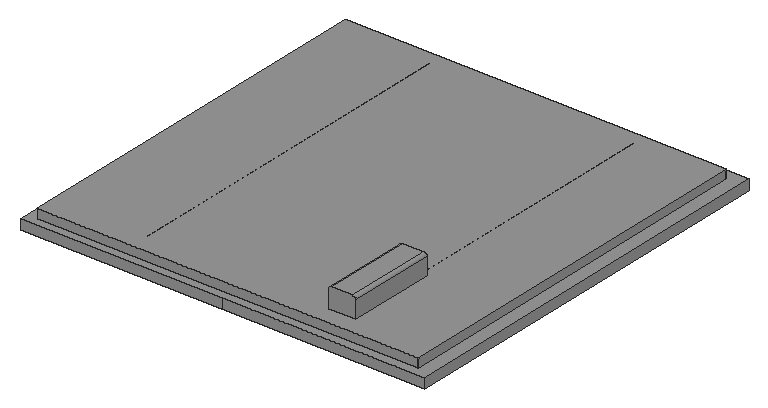
Revit family "63__LF_UN_Emilux_Turijn-II_R17", category Lighting Fixtures, Revit 2017
Family settings
  Round Connector Dimension = Use Diameter
  Part Type = Normal
  Work Plane-Based = No
  Always vertical = Yes
  Cut with Voids When Loaded = Yes
  Light Source = Yes
  Shared = No
  Room Calculation Point = No
Parameters (values of type "LED 4050lm 4000K Ra80 (36W)")
  Wattage Comments = "36W"
  Wattage = 27.265 W
  built-in parameter 1150110 = 1 (stored number, unit not read)
  URL = "https://www.emilux.nl/en/product/turijn-i/"
  Type Comments = "Turijn"
  built-in parameter 1114217 = 1 (stored number, unit not read)
  Tilt Angle = 90.00°
  built-in parameter 1150109 = 1 (stored number, unit not read)
  built-in parameter 1150134 = 12
  built-in parameter 1150113 = 1 (stored number, unit not read)
  Photometric Web File = "Emilux TURIJN 30X120 36W 4050Lm 4000K Ra80_LDT.ies"
  Model = "Turijn II"
  Manufacturer = "EMILUX"
  built-in parameter 1150105 = 322.29 (stored number, unit not read)
  Lumens = 4050 lm
  built-in parameter 1150115 = 1 (stored number, unit not read)
  Luminaire Code [instance] = ""
  built-in parameter 1150137 = (empty or 0)
  built-in parameter 1150139 = (empty or 0)
  built-in parameter 1150112 = 1 (stored number, unit not read)
  built-in parameter 1150114 = 1 (stored number, unit not read)
  Lamp = "LED"
  LED Driver = yes
  built-in parameter 1150132 = 2
  built-in parameter 1150102 = (empty or 0)
  built-in parameter 1150107 = 4000 (stored number, unit not read)
  built-in parameter 1150138 = (empty or 0)
  built-in parameter 1150106 = 3.2229 (stored number, unit not read)
  IfcExportType = "POINTSOURCE"
  IfcExportAs = "IfcLightFixtureType"
  Emit from Rectangle Width = 600 mm
  Emit from Rectangle Length = 600 mm
  Emit Shape Visible in Rendering = no
  built-in parameter 1150104 = 13.8 (stored number, unit not read)
  Dimming Lamp Color Temperature Shift = <None>
  Description = "Turijn II LED 4050lm 4000K Ra80 (36W)"
  Cost = 0
  Content Creator = "IVLighting"  # constant formula
  Color Filter = 16777215
  built-in parameter 1114218 = 1 (stored number, unit not read)
  built-in parameter 1150133 = 10 (stored number, unit not read)
  Assembly Code = "63.0"
  Article Number = "1TII06036830"
  Apparent Load = 36 VA
Types (2, lengths in mm): name | Wattage | built-in parameter 1150134 | Photometric Web File | built-in parameter 1150105 | Lumens | built-in parameter 1150107 | built-in parameter 1150106 | Emit from Rectangle Width | Emit from Rectangle Length | Article Number
  LED 4000lm 3000K Ra80 (36W) | 26.9284 W | (empty or 0) | "Emilux TURIJN 30X120 36W 4000Lm 3000K Ra80_LDT.ies" | 318.31 (stored number, unit not read) | 4000 lm | 3000 (stored number, unit not read) | 3.1831 (stored number, unit not read) | 609.6 | 1219.2 | "1TI12036840"
  LED 4050lm 4000K Ra80 (36W) | 27.265 W | 12 | "Emilux TURIJN 30X120 36W 4050Lm 4000K Ra80_LDT.ies" | 322.29 (stored number, unit not read) | 4050 lm | 4000 (stored number, unit not read) | 3.2229 (stored number, unit not read) | 600 | 600 | "1TII06036830"
Reference planes
  plane 1 "Center (Front/Back)": y = 0
  plane 2: z = 0
  plane 3 "Center (Left/Right)": x = -129.982
Forms (mm)
  Extrusion 1, solid, material "UHMW, White"
    sketch origin (17.518, 894.75, 0) x (1, 0, 0) y (0, 1, 0)
      loop
        line (-147.5, -597.5) -> (-442.5, -597.5) -> (-442.5, -1192) -> (-146.5, -1192) -> (152.5, -1192) -> (152.5, -597.5) -> (-147.5, -597.5)
      loop
        line (-335, -615.5) -> (-335, -1173) -> (-255, -1173) -> (-255, -615.5) -> (-335, -615.5)
      loop
        line (-35, -615.5) -> (-35, -1173) -> (45, -1173) -> (45, -615.5) -> (-35, -615.5)
    from 0 to 15
  Extrusion 2, solid, material "UHMW, White"
    sketch origin (17.518, 895.75, 14) x (1, 0, 0) y (0, 1, 0)
      loop
        arc (-426.5, -613.5) -> (-427.207, -613.793) -> (-427.5, -614.5) r 1
        line (-427.5, -614.5) -> (-427.5, -1179)
        arc (-427.5, -1179) -> (-427.207, -1179.707) -> (-426.5, -1180) r 1
        line (-426.5, -1180) -> (131.5, -1180)
        arc (131.5, -1180) -> (132.207, -1179.707) -> (132.5, -1179) r 1
        line (132.5, -1179) -> (132.5, -614.5)
        arc (132.5, -614.5) -> (132.207, -613.793) -> (131.5, -613.5) r 1
        line (131.5, -613.5) -> (-426.5, -613.5)
    from 1 to 14
  Extrusion 3, solid, material "Glass, White, High Luminance"
    sketch origin (17.518, 298.25, 0) x (1, 0, 0) y (0, 0, -1)
      loop
        arc (-8.019, -14.403) -> (-7.758, -14.7) -> (-7.5, -15) r 42.708
        line (-7.5, -15) -> (0, -15) -> (7.5, -15)
        arc (7.5, -15) -> (7.758, -14.7) -> (8.019, -14.403) r 42.708
        line (8.019, -14.403) -> (-8.019, -14.403)
    from -576.5 to -19
  Extrusion 4, solid, material "UHMW, White Gloss"
    sketch origin (-277.482, -291.113, 0) x (1, 0, 0) y (0, 0, -1)
      loop
        line (-40, -0.604) -> (-40, -20) -> (40, -20) -> (40, -0.576)
        arc (40, -0.576) -> (39.83, -0.169) -> (39.421, -0.004) r 0.572
        arc (39.421, -0.004) -> (21.84, -4.053) -> (7.5, -15) r 42.708
        line (7.5, -15) -> (-7.5, -15)
        arc (-7.5, -15) -> (-21.827, -4.059) -> (-39.391, -0.004) r 42.708
        arc (-39.391, -0.004) -> (-39.821, -0.177) -> (-40, -0.604) r 0.6
    from 12.8 to 570.3
  Extrusion 5, solid, material "UHMW, White Gloss"
    sketch origin (22.518, -291.113, 0) x (1, 0, 0) y (0, 0, -1)
      loop
        line (-40, -0.604) -> (-40, -20) -> (40, -20) -> (40, -0.576)
        arc (40, -0.576) -> (39.83, -0.169) -> (39.421, -0.004) r 0.572
        arc (39.421, -0.004) -> (21.84, -4.053) -> (7.5, -15) r 42.708
        line (7.5, -15) -> (-7.5, -15)
        arc (-7.5, -15) -> (-21.827, -4.059) -> (-39.391, -0.004) r 42.708
        arc (-39.391, -0.004) -> (-39.821, -0.177) -> (-40, -0.604) r 0.6
    from 12.8 to 570.3
Dimensions and locks
  aligned and locked: level to plane 2
Nested families
  nested 1: "Emilux_Turijn_Driver_R17" at (17.518, -128.25, 28), visible <- "LED Driver", type "Tridonic Led Driver"
  nested 2: "Luminaire_Symbol_Turijn II_EmiLux" at (-424.982, 297.25, 0), type "Luminaire_Symbol_Turijn II_EmiLux"
Connectors
  electrical at (-129.982, -1, 28)
    settings: on Extrusion 2, index 1, voltage 0 V, apparent load 0 VA, apparent load phase1 0 VA, apparent load phase2 0 VA, apparent load phase3 0 VA, power factor 1, load classification "Other", number of poles 1, system type 31, power factor state 1, is connector primary yes, connector utility no, sub classification motor no, connector description ""
Definition of nested family "Emilux_Turijn_Driver_R17"
  Parameters (values of type "Tridonic Led Driver")
    URL = "https://www.emilux.nl/en/product/turijn-i/"
    Model = "LC35/800/44 FixC SR ADV2"
    Manufacturer = "Tridonic"
    Description = "LC35/800/44 FixC SR ADV2"
    Content Creator = "IVLighting"  # constant formula
    Assembly Code = "63.0"
    Article Number = "87500866"
  Reference planes
    plane 1 "Center (Front/Back)": y = 0
    plane 2: z = 0
    plane 3 "Center (Left/Right)": x = 0
  Forms (mm)
    Extrusion 1, solid
      sketch origin (0, 0, 0) x (1, 0, 0) y (0, 0, 1)
        loop
          line (-20, 0) -> (20, 0) -> (20, 25)
          arc (20, 25) -> (18.536, 28.536) -> (15, 30) r 5
          line (15, 30) -> (-15, 30)
          arc (-15, 30) -> (-18.536, 28.536) -> (-20, 25) r 5
          line (-20, 25) -> (-20, 0)
      from 0 to 130
  Dimensions and locks
    aligned and locked: level to plane 2
Definition of nested family "Luminaire_Symbol_Turijn II_EmiLux"
  Reference planes
    plane 1: y = 0
    plane 2: x = 0
  Lines and regions (mm)
    detail lines
      curve 1: line (0, 0, 0) -> (5.95, 0, 0)
      curve 2: line (0, -5.95, 0) -> (0, 0, 0)
      curve 3: line (5.95, -5.95, 0) -> (0, -5.95, 0)
      curve 4: line (5.95, 0, 0) -> (5.95, -5.95, 0)
